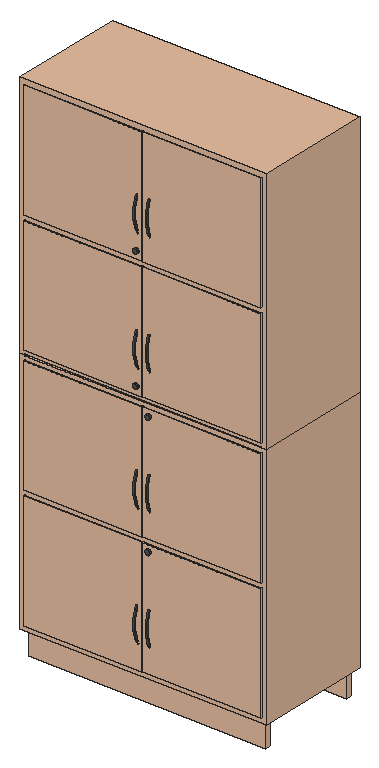
Revit family "Furniture_ShelvingStorage_Sjobergs_Cabinet_2", category Furniture, Revit 2018 (continued)
Definition of nested family "Cabinet 2"
  Automatic sketch dimensions
    Extrusion 16 sketch curve to plane 20 = 220.117 mm  (x2)
    curve 252 to curve 253 = 0 mm  (x2)
    curve 252 to curve 254 = 0 mm  (x2)
    curve 252 to curve 256 = 0 mm  (x2)
    curve 252 to curve 257 = 0 mm  (x2)
    curve 252 to curve 259 = 0 mm  (x2)
    curve 269 to curve 270 = 0 mm  (x2)
    curve 269 to curve 271 = 0 mm  (x2)
    curve 269 to curve 273 = 0 mm  (x2)
    curve 269 to curve 274 = 0 mm  (x2)
    curve 269 to curve 276 = 0 mm  (x2)
    curve 285 to curve 286 = 0 mm  (x2)
    curve 285 to curve 287 = 0 mm  (x2)
    curve 285 to curve 289 = 0 mm  (x2)
    curve 285 to curve 290 = 0 mm  (x2)
    curve 285 to curve 292 = 0 mm  (x2)
    curve 302 to curve 303 = 0 mm
    curve 302 to curve 304 = 0 mm  (x2)
    curve 302 to curve 306 = 0 mm  (x2)
    curve 302 to curve 307 = 0 mm
    curve 302 to curve 309 = 0 mm
    curve 303 to curve 307 = 0 mm
    curve 306 to curve 307 = 0 mm
    curve 307 to curve 309 = 0 mm
    curve 317 to curve 318 = 0 mm  (x2)
    curve 317 to curve 319 = 0 mm  (x2)
    curve 317 to curve 321 = 0 mm  (x2)
    curve 317 to curve 322 = 0 mm  (x2)
    curve 317 to curve 324 = 0 mm  (x2)
    curve 331 to curve 332 = 0 mm  (x2)
    curve 331 to curve 333 = 0 mm  (x2)
    curve 331 to curve 335 = 0 mm  (x2)
    curve 331 to curve 336 = 0 mm
    curve 331 to curve 338 = 0 mm  (x2)
    curve 336 to curve 338 = 0 mm
    curve 346 to curve 347 = 0 mm  (x2)
    curve 346 to curve 348 = 0 mm  (x2)
    curve 346 to curve 350 = 0 mm  (x2)
    curve 346 to curve 351 = 0 mm  (x2)
    curve 346 to curve 353 = 0 mm  (x2)
    curve 360 to curve 361 = 0 mm
    curve 360 to curve 367 = 0 mm  (x2)
    curve 361 to curve 367 = 0 mm
    curve 362 to curve 367 = 0 mm  (x2)
    curve 364 to curve 367 = 0 mm  (x2)
    curve 365 to curve 367 = 0 mm  (x2)
    curve 33 to plane 4 = 0 mm
    curve 37 to level = 0 mm
    plane 13 to curve 343 = 0 mm
    plane 13 to curve 282 = 0 mm
    plane 13 to curve 314 = 0 mm
    plane 13 to curve 249 = 0 mm
    curve 129 to plane 19 = 0 mm
    curve 135 to plane 21 = 0 mm
    curve 125 to plane 16 = 0 mm
    curve 133 to plane 20 = 0 mm
    curve 123 to plane 17 = 0 mm
    plane 14 to curve 133 = 0 mm
    plane 14 to curve 159 = 0 mm
    plane 14 to curve 138 = 0 mm
    plane 14 to curve 157 = 0 mm
    plane 14 to curve 126 = 0 mm
    plane 14 to curve 130 = 0 mm
    curve 161 to plane 17 = 0 mm
    curve 161 to plane 16 = 0 mm
    curve 165 to plane 19 = 0 mm
    curve 174 to plane 21 = 0 mm
    curve 169 to plane 20 = 0 mm
    curve 56 to plane 15 = 0 mm
    curve 170 to plane 15 = 0 mm
    curve 58 to plane 15 = 0 mm
    curve 174 to plane 15 = 0 mm
    curve 167 to plane 15 = 0 mm
    curve 163 to plane 15 = 0 mm
    plane 6 to curve 34 = 0 mm
    curve 34 to plane 7 = 0 mm
    plane 11 to curve 325 = 0.002 mm
    plane 11 to curve 323 = 0.002 mm
    plane 11 to curve 37 = 0.002 mm
    plane 11 to curve 341 = 0.002 mm
    plane 11 to curve 340 = 0.002 mm
    plane 11 to curve 42 = 0.002 mm
    plane 11 to curve 320 = 0.002 mm
    plane 11 to curve 293 = 0.002 mm
    plane 11 to curve 291 = 0.002 mm
    plane 11 to curve 288 = 0.002 mm
    plane 11 to curve 60 = 0.002 mm
    plane 11 to curve 352 = 0.002 mm
    plane 11 to curve 260 = 0.002 mm
    plane 11 to curve 258 = 0.002 mm
    plane 12 to curve 296 = 5 mm
    plane 12 to curve 263 = 5 mm
    curve 351 to plane 13 = 146.118 mm
    curve 322 to plane 13 = 146.118 mm
    curve 285 to plane 13 = 146.118 mm
    curve 259 to plane 13 = 146.118 mm
    plane 14 to curve 135 = 3 mm
    plane 14 to curve 127 = 3 mm
    plane 14 to curve 131 = 3 mm
    plane 14 to curve 123 = 3 mm
    curve 52 to plane 3 "Center (Left/Right)" = 2 mm
    curve 46 to plane 3 "Center (Left/Right)" = 2 mm
    curve 69 to plane 3 "Center (Left/Right)" = 2 mm
    curve 61 to plane 3 "Center (Left/Right)" = 2 mm
    plane 3 "Center (Left/Right)" to curve 48 = 2 mm
    plane 3 "Center (Left/Right)" to curve 64 = 2 mm
    plane 3 "Center (Left/Right)" to curve 52 = 2 mm
    plane 3 "Center (Left/Right)" to curve 66 = 2 mm
    curve 161 to curve 163 = 3 mm
    curve 165 to plane 15 = 3 mm
    curve 173 to curve 175 = 3 mm
    curve 169 to curve 170 = 3 mm
    plane 6 to curve 331 = 196.118 mm
    plane 6 to curve 365 = 196.118 mm
    plane 6 to curve 302 = 196.118 mm
    plane 6 to curve 274 = 196.118 mm
    plane 6 to curve 265 = 50 mm
    plane 6 to curve 357 = 50 mm
    plane 6 to curve 298 = 50 mm
    curve 328 to curve 357 = 0 mm
    plane 6 to curve 371 = 25 mm
    plane 6 to curve 369 = 25 mm
    plane 6 to curve 337 = 20 mm
    plane 6 to curve 327 = 20 mm
    plane 6 to curve 340 = 20 mm
    plane 6 to curve 311 = 20 mm
    plane 6 to curve 308 = 20 mm
    plane 6 to curve 305 = 20 mm
    plane 6 to curve 298 = 20 mm
    plane 6 to curve 275 = 20 mm
    plane 6 to curve 272 = 20 mm
    plane 6 to curve 354 = 20 mm
    plane 6 to curve 265 = 20 mm
    curve 60 to curve 44 = 0 mm
    curve 354 to curve 41 = 0 mm
    plane 6 to curve 366 = 20 mm
    level to curve 34 = 100 mm
    curve 35 to curve 354 = 19.875 mm
    curve 341 to curve 45 = 0.125 mm
    curve 42 to curve 372 = 20.181 mm
    curve 372 to curve 372 = 19.5 mm
    curve 47 to curve 135 = 88.242 mm
    curve 172 to curve 136 = 0 mm
    curve 371 to curve 355 = 78.458 mm
    curve 346 to curve 352 = 23.023 mm
    curve 355 to curve 366 = 23.023 mm
    plane 21 to curve 346 = 80.845 mm
    plane 21 to curve 360 = 80.845 mm
    curve 174 to curve 59 = 194.173 mm
    curve 58 to curve 48 = 25.944 mm
    curve 46 to curve 48 = 0 mm
    curve 48 to curve 363 = 0.125 mm
    curve 340 to curve 326 = 20.875 mm
    curve 340 to curve 325 = 20.875 mm
    curve 325 to curve 369 = 20.306 mm
    curve 369 to curve 368 = 19.5 mm
    curve 48 to curve 168 = 109.367 mm
    curve 131 to curve 169 = 0 mm
    curve 312 to curve 312 = 118.264 mm
    curve 368 to curve 326 = 78.458 mm
    curve 326 to curve 337 = 23.023 mm
    curve 312 to curve 323 = 23.023 mm
    plane 20 to curve 318 = 80.845 mm
    plane 20 to curve 331 = 80.845 mm
    curve 56 to plane 20 = 194.173 mm
    curve 56 to curve 52 = 25.944 mm
    curve 53 to curve 320 = 0.125 mm
    curve 311 to curve 293 = 37.875 mm
    curve 298 to curve 293 = 0 mm
    curve 52 to curve 69 = 38.25 mm
    curve 68 to curve 296 = 20.056 mm
    curve 67 to curve 158 = 29.806 mm
    curve 295 to curve 294 = 19.5 mm
    curve 158 to curve 127 = 58.311 mm
    curve 167 to curve 128 = 0 mm
    curve 294 to curve 280 = 78.458 mm
    curve 66 to curve 297 = 118.014 mm
    curve 309 to curve 308 = 23.023 mm
    curve 280 to curve 291 = 23.023 mm
    plane 19 to curve 289 = 80.845 mm
    plane 19 to curve 306 = 80.845 mm
    curve 288 to plane 17 = 109.242 mm
    curve 282 to curve 248 = 20.875 mm
    curve 63 to plane 17 = 88.367 mm
    curve 299 to curve 266 = 20.875 mm
    curve 63 to curve 62 = 0.25 mm
    curve 61 to curve 263 = 20.056 mm
    curve 61 to curve 156 = 29.806 mm
    curve 262 to curve 262 = 19.5 mm
    plane 17 to curve 264 = 29.897 mm
    plane 17 to curve 247 = 29.897 mm
    curve 247 to curve 258 = 23.023 mm
    curve 276 to curve 275 = 23.023 mm
    plane 17 to curve 254 = 80.671 mm
    plane 17 to curve 276 = 80.671 mm
    curve 45 to plane 7 = 20.125 mm
    curve 44 to curve 255 = 0.125 mm
    curve 344 to plane 12 = 2.543 mm
    curve 261 to plane 12 = 2.543 mm
    curve 317 to plane 12 = 2.543 mm
    curve 296 to plane 12 = 2.543 mm
    curve 315 to curve 316 = 5 mm
    curve 250 to curve 251 = 5 mm
    curve 283 to curve 284 = 5 mm
    curve 344 to curve 345 = 5 mm
    plane 14 to curve 157 = 9.75 mm
    curve 159 to curve 158 = 9.75 mm
    curve 58 to curve 58 = 9.75 mm
    curve 57 to curve 56 = 9.75 mm
    curve 298 to curve 301 = 12.51 mm
    curve 328 to curve 330 = 12.51 mm
    curve 266 to curve 268 = 12.51 mm
    curve 356 to curve 359 = 12.51 mm
    curve 361 to curve 360 = 12.49 mm
    plane 16 to curve 271 = 1.747 mm
    curve 368 to curve 368 = 7.49 mm
    curve 301 to curve 300 = 5 mm
    curve 345 to curve 343 = 0.125 mm
    curve 48 to curve 55 = 21 mm
    curve 50 to curve 315 = 0.25 mm
    curve 326 to curve 329 = 0.25 mm
    curve 330 to curve 329 = 0 mm
    curve 316 to curve 315 = 0 mm
    curve 329 to curve 51 = 0 mm
    curve 277 to curve 280 = 18.875 mm
    curve 283 to curve 279 = 0.125 mm
    curve 70 to curve 63 = 20.75 mm
    curve 63 to curve 267 = 0.25 mm
    curve 268 to curve 267 = 0 mm
    curve 42 to curve 341 = 118.139 mm
    curve 109 to curve 110 = 0 mm  (x2)
    curve 111 to curve 112 = 0 mm  (x2)
    curve 113 to curve 114 = 0 mm  (x2)
    curve 115 to curve 116 = 0 mm  (x2)
    curve 230 to curve 231 = 0 mm  (x2)
    curve 236 to curve 237 = 0 mm  (x2)
    curve 209 to plane 23 = 0 mm
    curve 222 to plane 23 = 0 mm
    curve 213 to plane 23 = 0 mm
    curve 216 to plane 23 = 0 mm
    curve 230 to plane 24 = 0 mm
    curve 236 to plane 24 = 0 mm
    curve 229 to plane 24 = 0 mm
    curve 235 to plane 24 = 0 mm
    curve 245 to plane 24 = 0 mm
    curve 240 to plane 24 = 0 mm
    curve 212 to plane 10 = 0 mm
    curve 213 to plane 10 = 0 mm
    curve 84 to plane 10 = 0 mm
    curve 218 to plane 10 = 0 mm
    curve 224 to plane 10 = 0 mm
    curve 14 to level = 0 mm
    curve 18 to level = 0 mm
    curve 21 to plane 8 = 0 mm
    curve 22 to plane 8 = 0 mm
    curve 208 to plane 7 = 0 mm
    curve 243 to plane 24 = 3.026 mm
    curve 239 to curve 241 = 3.026 mm
    curve 227 to curve 229 = 3.026 mm
    curve 233 to curve 235 = 3.026 mm
    curve 81 to plane 9 = 10 mm
    curve 87 to plane 9 = 10 mm
    curve 75 to plane 9 = 10 mm
    curve 93 to plane 9 = 10 mm
    curve 98 to plane 10 = 5 mm
    curve 73 to curve 72 = 5 mm
    curve 97 to plane 10 = 5 mm
    curve 81 to curve 106 = 5 mm
    plane 10 to curve 14 = 20 mm
    curve 12 to curve 16 = 20 mm
    plane 1 "Center (Front/Back)" to curve 111 = 28.996 mm
    plane 1 "Center (Front/Back)" to curve 113 = 28.996 mm
    plane 1 "Center (Front/Back)" to curve 110 = 28.996 mm
    plane 1 "Center (Front/Back)" to curve 115 = 28.996 mm
    curve 18 to plane 8 = 40 mm
    curve 24 to plane 8 = 20 mm
    level to curve 12 = 100 mm
    curve 12 to curve 225 = 19.875 mm
    curve 20 to curve 21 = 20 mm
    curve 221 to curve 245 = 94.38 mm
    plane 21 to curve 110 = 80.758 mm
    plane 21 to curve 244 = 5.966 mm
    curve 73 to plane 21 = 184.423 mm
    curve 73 to curve 75 = 19.5 mm
    curve 75 to curve 76 = 16.194 mm
    curve 219 to curve 218 = 21 mm
    curve 217 to curve 241 = 94.38 mm
    curve 78 to curve 79 = 100.491 mm
    plane 20 to curve 111 = 80.758 mm
    plane 20 to curve 238 = 5.966 mm
    curve 121 to plane 20 = 184.423 mm
    curve 80 to curve 82 = 19.5 mm
    curve 82 to curve 84 = 16.194 mm
    curve 217 to plane 20 = 221.242 mm
    curve 216 to curve 215 = 36.875 mm
    curve 85 to curve 87 = 20.306 mm
    curve 214 to curve 236 = 30.056 mm
    curve 86 to curve 88 = 19.5 mm
    curve 236 to curve 233 = 64.324 mm
    curve 88 to curve 89 = 60.685 mm
    plane 19 to curve 113 = 80.758 mm
    plane 19 to curve 232 = 5.966 mm
    curve 103 to plane 17 = 109.367 mm
    curve 213 to plane 17 = 109.117 mm
    curve 90 to curve 91 = 21 mm
    curve 91 to curve 94 = 20.306 mm
    curve 210 to curve 231 = 30.056 mm
    curve 92 to curve 95 = 19.5 mm
    plane 17 to curve 226 = 6.013 mm
    plane 17 to curve 118 = 12.124 mm
    curve 96 to curve 115 = 68.634 mm
    curve 227 to plane 16 = 5.966 mm
    curve 97 to plane 7 = 20.125 mm
    curve 230 to curve 230 = 9.75 mm
    curve 237 to curve 236 = 9.75 mm
    curve 72 to curve 109 = 100.491 mm
    curve 109 to curve 110 = 15.979 mm
    curve 111 to curve 112 = 15.979 mm
    curve 22 to plane 20 = 239.242 mm
    curve 224 to curve 98 = 0 mm
    curve 22 to curve 22 = 40 mm
    curve 113 to curve 114 = 15.979 mm
    curve 96 to curve 116 = 15.979 mm
    curve 7 to plane 4 = 0 mm
    curve 183 to plane 10 = 0 mm
    curve 7 to plane 8 = 0 mm
    curve 196 to plane 12 = 0 mm
    curve 179 to plane 10 = 0 mm
    curve 178 to plane 23 = 0 mm
    curve 186 to plane 10 = 0 mm
    curve 141 to plane 14 = 0 mm
    curve 150 to plane 15 = 0 mm
    curve 180 to plane 23 = 0 mm
    curve 3 to plane 6 = 0 mm
    curve 192 to plane 24 = 3.114 mm
    curve 192 to plane 11 = 6.328 mm
    plane 11 to curve 183 = 0.002 mm
    plane 11 to curve 7 = 0.002 mm
    curve 193 to curve 194 = 5 mm
    curve 178 to plane 12 = 5 mm
    curve 10 to plane 12 = 9 mm
    plane 14 to curve 29 = 9.75 mm
    plane 14 to curve 142 = 3 mm
    curve 28 to curve 27 = 6.75 mm
    curve 376 to plane 3 "Center (Left/Right)" = 2 mm
    plane 3 "Center (Left/Right)" to curve 5 = 2 mm
    curve 144 to plane 15 = 9.75 mm
    curve 145 to plane 15 = 3 mm
    curve 148 to curve 146 = 6.75 mm
    curve 1 to curve 2 = 39 mm
    curve 179 to curve 3 = 35 mm
    plane 24 to curve 206 = 9.75 mm
    plane 6 to curve 206 = 30 mm
    plane 24 to curve 199 = 3.015 mm
    curve 198 to curve 199 = 5 mm
    curve 374 to plane 10 = 5 mm
    curve 187 to curve 374 = 10 mm
    curve 1 to curve 2 = 19 mm
    curve 201 to plane 24 = 0.049 mm
    curve 202 to curve 201 = 11.33 mm
    curve 207 to curve 202 = 6.636 mm
    curve 196 to curve 192 = 6.636 mm
    curve 191 to plane 24 = 0.049 mm
    curve 189 to curve 188 = 6.735 mm
    curve 139 to plane 5 = 3 mm
    curve 148 to plane 5 = 3 mm
    curve 148 to curve 151 = 7 mm
    curve 27 to plane 5 = 10 mm
    curve 30 to plane 10 = 5 mm
    radius of Extrusion 3 sketch curve = 9.75 mm  (x4)
    radius of Sweep 8 sketch curve = 3 mm  (x2)
    radius of Sweep 9 sketch curve = 3 mm  (x2)
    radius of Sweep 10 sketch curve = 3 mm  (x2)
    radius of Sweep 11 sketch curve = 3 mm  (x2)
    radius of Sweep 21 sketch curve = 3 mm
    radius of Sweep 22 sketch curve = 3 mm
    radius of Sweep 23 sketch curve = 3 mm
    radius of Sweep 24 sketch curve = 3 mm
    radius of Sweep 25 sketch curve = 3 mm
    radius of Sweep 26 sketch curve = 3 mm
    radius of Sweep 27 sketch curve = 3 mm
    radius of Sweep 28 sketch curve = 3 mm
    radius of Extrusion 29 sketch curve = 9.75 mm
    radius of Extrusion 30 sketch curve = 9.75 mm
    radius of Extrusion 31 sketch curve = 9.75 mm
    radius of Extrusion 32 sketch curve = 9.75 mm
